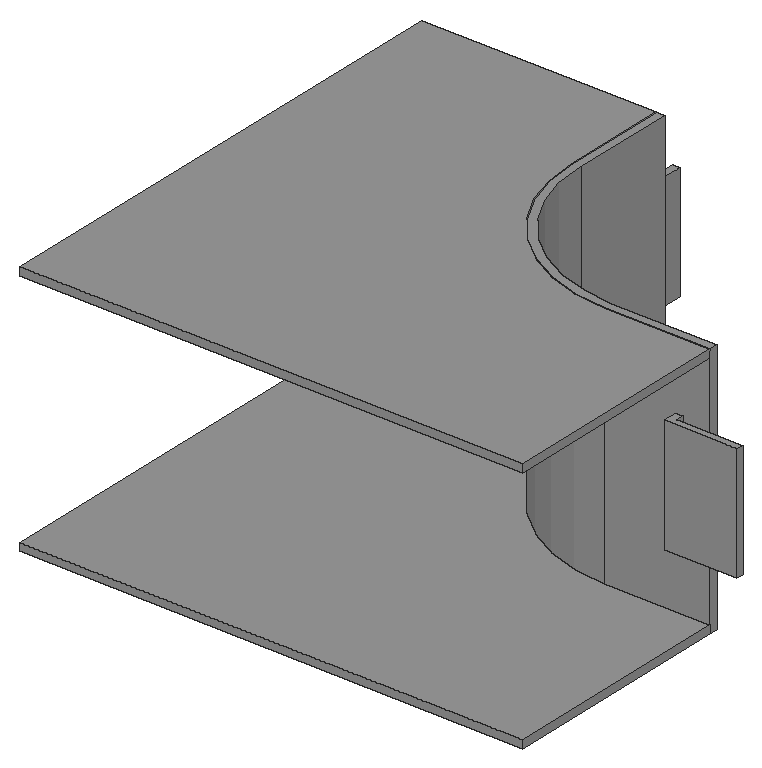
Revit family "Inneneckhaube WDK HI60060RW.pdf", category Generic Models, Revit 2017
Family settings
  Can host rebar = No
  Round Connector Dimension = Use Diameter
  Part Type = Normal
  Work Plane-Based = No
  Always vertical = Yes
  Cut with Voids When Loaded = No
  Shared = No
  Room Calculation Point = No
Parameters (values of type "WDK HI60060RW")
  Width = 60 mm
  URL = "http://www.obo-bettermann.com"
  Material = Polyvinylchlorid
  Manufacturer Art.No. = "6192017"
  Manufacturer = "OBO BETTERMANN"
  Height = 60 mm
  GTIN = "4012196362950"
  Article Type = "WDK HI60060RW"
Reference planes
  plane 1 "Center (Front/Back)": y = 0
  plane 2: z = 0
  plane 3 "Center (Left/Right)": x = 0
  plane 4: x = 130
  plane 5: y = 130
  plane 6: y = 130
  plane 7: z = 65.9
  plane 8: z = 63.9
  plane 9: z = 33
  plane 10: x = 130
  plane 11: y = 130
  plane 12: y = 130
  plane 13: y = 58.5
  plane 14: x = 121.3
  plane 15: x = 140
  plane 16: z = 48
  plane 17: z = 18
  plane 18: through (0, 0, 1200) normal (-0.7071, 0.7071, 0)
  plane 19: x = 58.5
  plane 20: y = 121.3
  plane 21: y = 140
Forms (mm)
  Extrusion 1, solid, material "Polyvinylchlorid" <- "Material"
    sketch origin (0, 0, 0) x (1, 0, 0) y (0, 1, 0)
      loop
        line (0, 130) -> (0, 0) -> (130, 0) -> (130, 60.5) -> (102.7, 60.5)
        arc (102.7, 60.5) -> (72.86, 72.86) -> (60.5, 102.7) r 42.2
        line (60.5, 102.7) -> (60.5, 130) -> (0, 130)
    from 63.9 to 65.9
  Extrusion 2, solid, material "Polyvinylchlorid" <- "Material"
    sketch origin (0, 0, -63.9) x (0, -1, 0) y (1, 0, 0)
      loop
        line (-130, 0) -> (0, 0) -> (0, 130) -> (-60.5, 130) -> (-60.5, 102.7)
        arc (-60.5, 102.7) -> (-72.86, 72.86) -> (-102.7, 60.5) r 42.2
        line (-102.7, 60.5) -> (-130, 60.5) -> (-130, 0)
    from 63.9 to 65.9
  Extrusion 3, solid, material "Polyvinylchlorid" <- "Material"
    sketch origin (0, 0, 0) x (1, 0, 0) y (0, 1, 0)
      loop
        line (60.5, 130) -> (60.5, 102.7)
        arc (60.5, 102.7) -> (72.86, 72.86) -> (102.7, 60.5) r 42.2
        line (102.7, 60.5) -> (130, 60.5) -> (130, 62.7) -> (102.7, 62.7)
        arc (102.7, 62.7) -> (74.416, 74.416) -> (62.7, 102.7) r 40
        line (62.7, 102.7) -> (62.7, 130) -> (60.5, 130)
    from 0 to 65.9
  Extrusion 4, solid, material "Polyvinylchlorid" <- "Material"
    sketch origin (0, 0, 0) x (1, 0, 0) y (0, 1, 0)
      loop
        line (140, 58.5) -> (123.037, 58.5) -> (123.037, 60.5) -> (121.3, 60.5) -> (121.3, 56.8) -> (140, 56.8) -> (140, 58.5)
    from 18 to 48
  Extrusion 5, solid, material "Polyvinylchlorid" <- "Material"
    sketch origin (0, 0, 0) x (0, 1, 0) y (-1, 0, 0)
      loop
        line (140, -58.5) -> (140, -56.8) -> (121.3, -56.8) -> (121.3, -60.5) -> (123.037, -60.5) -> (123.037, -58.5) -> (140, -58.5)
    from 18 to 48
Dimensions and locks
  locked: Extrusion 1 sketch curve to Extrusion 1 sketch curve at 130  (x2)
  plane 7 to level = 65.9 mm
  locked: plane 9 to level at 33
  locked: Extrusion 2 sketch curve to Extrusion 2 sketch curve at 130  (x2)
  locked: Extrusion 1 to Extrusion 3 sketch curve at 62.7  (x2)
  locked: Extrusion 3 sketch curve to Extrusion 1 at 130
  locked: Extrusion 1 to Extrusion 3 sketch curve at 130
  locked: plane 14 to Extrusion 1 at 8.7
  locked: Extrusion 1 to plane 15 at 10
  locked: plane 14 to plane 15 at 18.7
  locked: plane 13 to Extrusion 3 at 2
  locked: Extrusion 4 sketch curve to Extrusion 4 sketch curve at 18.7
  locked: Extrusion 4 sketch curve to Extrusion 4 sketch curve at 1.7
  locked: Extrusion 4 sketch curve to Extrusion 4 sketch curve at 1.737
  locked: Extrusion 4 sketch curve to Extrusion 3 at 2
  locked: Extrusion 4 to Extrusion 4 at 30
  locked: Extrusion 4 to plane 9 at 15
  locked: plane 20 to plane 21 at 18.7
  locked: Extrusion 5 sketch curve to Extrusion 5 sketch curve at 18.7
  locked: Extrusion 5 sketch curve to Extrusion 5 sketch curve at 1.7
  locked: Extrusion 5 sketch curve to Extrusion 5 sketch curve at 1.737
  locked: Extrusion 5 to Extrusion 5 at 30
  aligned and locked: level to plane 2
  aligned and locked: plane 1 "Center (Front/Back)" to Extrusion 1
  aligned and locked: Extrusion 1 to plane 3 "Center (Left/Right)"
  aligned and locked: plane 7 to Extrusion 1
  aligned and locked: Extrusion 1 to plane 8
  aligned and locked: Extrusion 2 to level
  aligned and locked: plane 1 "Center (Front/Back)" to Extrusion 2
  aligned and locked: Extrusion 1 to Extrusion 3
  aligned and locked: Extrusion 3 to Extrusion 1  (x4)
  aligned and locked: Extrusion 3 to level
  aligned and locked: plane 15 to Extrusion 4 sketch curve
  aligned and locked: Extrusion 4 sketch curve to plane 15
  aligned and locked: Extrusion 1 to Extrusion 4
  aligned and locked: Extrusion 4 to plane 17
  aligned and locked: plane 16 to Extrusion 4
  aligned and locked: Extrusion 5 sketch curve to plane 21
  aligned and locked: plane 21 to Extrusion 5 sketch curve
Automatic sketch dimensions
  plane 1 "Center (Front/Back)" to Extrusion 1 sketch curve = 0 mm
  Extrusion 1 sketch curve to plane 3 "Center (Left/Right)" = 0 mm
  plane 18 to Extrusion 1 sketch curve = 0 mm
  plane 3 "Center (Left/Right)" to Extrusion 1 sketch curve = 60.5 mm
  Extrusion 1 sketch curve to plane 4 = 27.3 mm
  Extrusion 2 sketch curve to plane 3 "Center (Left/Right)" = 0 mm
  Extrusion 2 sketch curve to plane 11 = 0 mm
  plane 18 to Extrusion 2 sketch curve = 0 mm
  Extrusion 2 sketch curve to plane 10 = 27.3 mm
  Extrusion 2 sketch curve to Extrusion 2 sketch curve = 42.2 mm
  Extrusion 3 sketch curve to Extrusion 3 sketch curve = 0 mm  (x2)
  Extrusion 3 sketch curve to Extrusion 3 sketch curve = 2.2 mm
  Extrusion 3 sketch curve to Extrusion 3 sketch curve = 27.3 mm
  plane 13 to Extrusion 4 sketch curve = 2 mm
  Extrusion 5 sketch curve to plane 19 = 0 mm
  Extrusion 5 sketch curve to plane 19 = 2 mm
